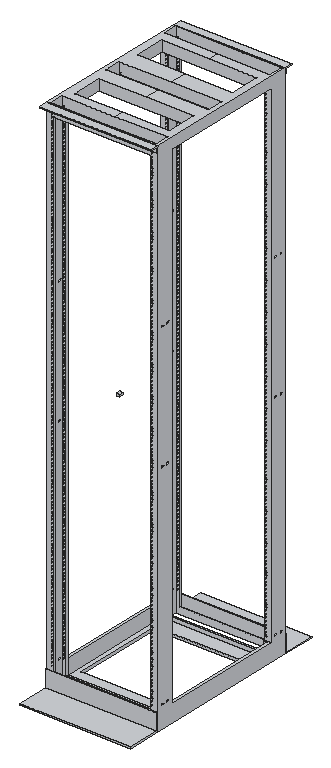
Revit family
Parameters
  Material ID = "760082552"
  Description = "29 IN (737 MM) D X 8 FT (2438 MM) H - 19 IN (482.6 MM) STEEL EQUIPMENT RACK (52U) 3/8 SQ PUNCH, BLACK\r\n"
Reference planes (in)
  plane 1 "Center (Front/Back)": y = 0
  plane 2: z = 0
  plane 3 "Center (Left/Right)": x = 0
Forms (in)
  Extrusion 1, solid, not visible
    sketch origin (0, -14.305, 0) x (1, 0, 0) y (0, 0, 1)
      loop
        line (-8.5516, 0.86) -> (-8.5516, 0.46) -> (-7.9516, 0.46) -> (-7.9516, 0.86) -> (-8.5516, 0.86)
    from 0 to 0.77696
  Extrusion 2, solid
    sketch origin (0, 0, 0) x (1, 0, 0) y (0, 0, 1)
      loop
        line (-10.175, 54.12) -> (-10.175, -42) -> (10.175, -42) -> (10.175, 54.12) -> (0, 54.12) -> (-10.175, 54.12)
    from 0 to 29
  Extrusion 3, void
    sketch origin (0, 0, 0) x (1, 0, 0) y (0, 0, 1)
      loop
        line (-8.905, 52.12772) -> (-8.905, -40.8) -> (8.905, -40.8) -> (8.905, 52.12772) -> (-8.905, 52.12772)
    from 0 to 36
  Extrusion 4, void
    sketch origin (0, 0, 0) x (0, 1, 0) y (0, 0, 1)
      loop
        line (-3, 52.12772) -> (-25.79784, 52.12772) -> (-25.79784, -38.785) -> (-3, -38.785) -> (-3, 52.12772)
    from -31.70377 to 17.99623
  Extrusion 5, void
    sketch origin (0, 0, 0) x (0, 1, 0) y (0, 0, 1)
      loop
        line (-0.2, 59.72052) -> (-2.8, 59.72052) -> (-2.8, -66.46573) -> (-0.2, -66.46573) -> (-0.2, 59.72052)
    from -9.61605 to 9.71756
  Extrusion 6, void
    sketch origin (0, -29, 0) x (0, -1, 0) y (0, 0, -1)
      loop
        line (-0.2, -59.72052) -> (-0.2, 63.44959) -> (-2.8, 63.44959) -> (-2.8, -59.72052) -> (-0.2, -59.72052)
    from -9.61605 to 9.71756
  Extrusion 7, solid
    sketch origin (0, 0, -12) x (0, 1, 0) y (0, 0, 1)
      loop
        line (-29, -29.985) -> (-29, -26.785) -> (-29.2, -26.785) -> (-29.2, -29.785) -> (-35.2, -29.785) -> (-35.2, -29.985) -> (-29, -29.985)
      loop
        line (-29, 66.12) -> (-30.575, 66.12) -> (-30.575, 65.92) -> (-29.2, 65.92) -> (-29.2, 65.06396) -> (-29, 65.06396) -> (-29, 66.12)
      loop
        line (0, 66.12) -> (0, 65.06396) -> (0.2, 65.06396) -> (0.2, 65.92) -> (1.575, 65.92) -> (1.575, 66.12) -> (0, 66.12)
      loop
        line (0, -30) -> (6.2, -30) -> (6.2, -29.8) -> (0.2, -29.8) -> (0.2, -26.8) -> (0, -26.8) -> (0, -30)
    from -10.155 to 10.155
  Extrusion 8, void
    sketch origin (0, 0, 0) x (1, 0, 0) y (0, 1, 0)
      loop
        line (8.81573, -4.65622) -> (-8.68427, -4.65622) -> (-8.68427, -10.15622) -> (8.81573, -10.15622) -> (8.81573, -4.65622)
      loop
        line (9.39397, -13.32974) -> (-9.60603, -13.32974) -> (-9.60603, -16.32974) -> (9.39397, -16.32974) -> (9.39397, -13.32974)
      loop
        line (8.81573, -19.04784) -> (-8.68427, -19.04784) -> (-8.68427, -24.54784) -> (8.81573, -24.54784) -> (8.81573, -19.04784)
    from 59.72052 to 16.10929
  Extrusion 9, void
    sketch origin (0, 0, 0) x (1, 0, 0) y (0, 1, 0)
      loop
        line (8.74608, -23) -> (8.74608, -5.96462) -> (-8.75392, -5.96462) -> (-8.75392, -23) -> (8.74608, -23)
    from -52.54303 to 38.86972
  Extrusion 10, void
    sketch origin (0, 0, 0) x (0, 1, 0) y (0, 0, 1)
      loop
        circle (-26.875, 24.12) r 0.335
      loop
        circle (-28.125, 24.12) r 0.335
      loop
        circle (-0.875, 24.12) r 0.335
      loop
        circle (-2.125, 24.12) r 0.335
      loop
        circle (-26.875, 1.12) r 0.335
      loop
        circle (-28.125, 1.12) r 0.335
      loop
        circle (-0.875, 1.12) r 0.335
      loop
        circle (-2.125, 1.12) r 0.335
      loop
        circle (-26.875, -37.88) r 0.335
      loop
        circle (-28.125, -37.88) r 0.335
      loop
        circle (-0.875, -37.88) r 0.335
      loop
        circle (-2.125, -37.88) r 0.335
    from -24.88707 to 25.18322
  Extrusion 11, void
    sketch origin (0, 0, 0) x (1, 0, 0) y (0, 1, 0)
      loop
        line (-9.68285, -25.79784) -> (9.56715, -25.79784) -> (9.56715, -3.2) -> (-9.68285, -3.2) -> (-9.68285, -25.79784)
    from -41.49635 to -29.49635
  Extrusion 12, void
    sketch origin (0, 0, -12.25) x (1, 0, 0) y (0, 0, 1)
      loop
        line (-9.175, 52.604) -> (-9.264, 52.604) -> (-9.264, 52.515) -> (-9.264, 52.426) -> (-9.175, 52.426) -> (-9.086, 52.426) -> (-9.086, 52.604) -> (-9.175, 52.604)
      loop
        line (-9.175, 51.979) -> (-9.264, 51.979) -> (-9.264, 51.89) -> (-9.264, 51.801) -> (-9.175, 51.801) -> (-9.086, 51.801) -> (-9.086, 51.979) -> (-9.175, 51.979)
      loop
        line (-9.175, 51.354) -> (-9.264, 51.354) -> (-9.264, 51.265) -> (-9.264, 51.176) -> (-9.175, 51.176) -> (-9.086, 51.176) -> (-9.086, 51.354) -> (-9.175, 51.354)
      loop
        line (9.175, 52.604) -> (9.086, 52.604) -> (9.086, 52.426) -> (9.175, 52.426) -> (9.264, 52.426) -> (9.264, 52.515) -> (9.264, 52.604) -> (9.175, 52.604)
      loop
        line (9.175, 51.979) -> (9.086, 51.979) -> (9.086, 51.801) -> (9.175, 51.801) -> (9.264, 51.801) -> (9.264, 51.89) -> (9.264, 51.979) -> (9.175, 51.979)
      loop
        line (9.175, 51.354) -> (9.086, 51.354) -> (9.086, 51.176) -> (9.175, 51.176) -> (9.264, 51.176) -> (9.264, 51.265) -> (9.264, 51.354) -> (9.175, 51.354)
    from 0 to 36
  Extrusion 13, void
    sketch origin (0, 0, -14) x (1, 0, 0) y (0, 0, 1)
      loop
        line (-9.175, 52.604) -> (-9.264, 52.604) -> (-9.264, 52.515) -> (-9.264, 52.426) -> (-9.175, 52.426) -> (-9.086, 52.426) -> (-9.086, 52.604) -> (-9.175, 52.604)
      loop
        line (-9.175, 51.979) -> (-9.264, 51.979) -> (-9.264, 51.89) -> (-9.264, 51.801) -> (-9.175, 51.801) -> (-9.086, 51.801) -> (-9.086, 51.979) -> (-9.175, 51.979)
      loop
        line (-9.175, 51.354) -> (-9.264, 51.354) -> (-9.264, 51.265) -> (-9.264, 51.176) -> (-9.175, 51.176) -> (-9.086, 51.176) -> (-9.086, 51.354) -> (-9.175, 51.354)
      loop
        line (9.175, 52.604) -> (9.086, 52.604) -> (9.086, 52.426) -> (9.175, 52.426) -> (9.264, 52.426) -> (9.264, 52.515) -> (9.264, 52.604) -> (9.175, 52.604)
      loop
        line (9.175, 51.979) -> (9.086, 51.979) -> (9.086, 51.801) -> (9.175, 51.801) -> (9.264, 51.801) -> (9.264, 51.89) -> (9.264, 51.979) -> (9.175, 51.979)
      loop
        line (9.175, 51.354) -> (9.086, 51.354) -> (9.086, 51.176) -> (9.175, 51.176) -> (9.264, 51.176) -> (9.264, 51.265) -> (9.264, 51.354) -> (9.175, 51.354)
    from 0 to 36
  Extrusion 14, void
    sketch origin (0, 0, -15.75) x (1, 0, 0) y (0, 0, 1)
      loop
        line (-9.175, 52.604) -> (-9.264, 52.604) -> (-9.264, 52.515) -> (-9.264, 52.426) -> (-9.175, 52.426) -> (-9.086, 52.426) -> (-9.086, 52.604) -> (-9.175, 52.604)
      loop
        line (-9.175, 51.979) -> (-9.264, 51.979) -> (-9.264, 51.89) -> (-9.264, 51.801) -> (-9.175, 51.801) -> (-9.086, 51.801) -> (-9.086, 51.979) -> (-9.175, 51.979)
      loop
        line (-9.175, 51.354) -> (-9.264, 51.354) -> (-9.264, 51.265) -> (-9.264, 51.176) -> (-9.175, 51.176) -> (-9.086, 51.176) -> (-9.086, 51.354) -> (-9.175, 51.354)
      loop
        line (9.175, 52.604) -> (9.086, 52.604) -> (9.086, 52.426) -> (9.175, 52.426) -> (9.264, 52.426) -> (9.264, 52.515) -> (9.264, 52.604) -> (9.175, 52.604)
      loop
        line (9.175, 51.979) -> (9.086, 51.979) -> (9.086, 51.801) -> (9.175, 51.801) -> (9.264, 51.801) -> (9.264, 51.89) -> (9.264, 51.979) -> (9.175, 51.979)
      loop
        line (9.175, 51.354) -> (9.086, 51.354) -> (9.086, 51.176) -> (9.175, 51.176) -> (9.264, 51.176) -> (9.264, 51.265) -> (9.264, 51.354) -> (9.175, 51.354)
    from 0 to 36
  Extrusion 15, void
    sketch origin (0, 0, -17.5) x (1, 0, 0) y (0, 0, 1)
      loop
        line (-9.175, 52.604) -> (-9.264, 52.604) -> (-9.264, 52.515) -> (-9.264, 52.426) -> (-9.175, 52.426) -> (-9.086, 52.426) -> (-9.086, 52.604) -> (-9.175, 52.604)
      loop
        line (-9.175, 51.979) -> (-9.264, 51.979) -> (-9.264, 51.89) -> (-9.264, 51.801) -> (-9.175, 51.801) -> (-9.086, 51.801) -> (-9.086, 51.979) -> (-9.175, 51.979)
      loop
        line (-9.175, 51.354) -> (-9.264, 51.354) -> (-9.264, 51.265) -> (-9.264, 51.176) -> (-9.175, 51.176) -> (-9.086, 51.176) -> (-9.086, 51.354) -> (-9.175, 51.354)
      loop
        line (9.175, 52.604) -> (9.086, 52.604) -> (9.086, 52.426) -> (9.175, 52.426) -> (9.264, 52.426) -> (9.264, 52.515) -> (9.264, 52.604) -> (9.175, 52.604)
      loop
        line (9.175, 51.979) -> (9.086, 51.979) -> (9.086, 51.801) -> (9.175, 51.801) -> (9.264, 51.801) -> (9.264, 51.89) -> (9.264, 51.979) -> (9.175, 51.979)
      loop
        line (9.175, 51.354) -> (9.086, 51.354) -> (9.086, 51.176) -> (9.175, 51.176) -> (9.264, 51.176) -> (9.264, 51.265) -> (9.264, 51.354) -> (9.175, 51.354)
    from 0 to 36
  Extrusion 16, void
    sketch origin (0, 0, -19.25) x (1, 0, 0) y (0, 0, 1)
      loop
        line (-9.175, 52.604) -> (-9.264, 52.604) -> (-9.264, 52.515) -> (-9.264, 52.426) -> (-9.175, 52.426) -> (-9.086, 52.426) -> (-9.086, 52.604) -> (-9.175, 52.604)
      loop
        line (-9.175, 51.979) -> (-9.264, 51.979) -> (-9.264, 51.89) -> (-9.264, 51.801) -> (-9.175, 51.801) -> (-9.086, 51.801) -> (-9.086, 51.979) -> (-9.175, 51.979)
      loop
        line (-9.175, 51.354) -> (-9.264, 51.354) -> (-9.264, 51.265) -> (-9.264, 51.176) -> (-9.175, 51.176) -> (-9.086, 51.176) -> (-9.086, 51.354) -> (-9.175, 51.354)
      loop
        line (9.175, 52.604) -> (9.086, 52.604) -> (9.086, 52.426) -> (9.175, 52.426) -> (9.264, 52.426) -> (9.264, 52.515) -> (9.264, 52.604) -> (9.175, 52.604)
      loop
        line (9.175, 51.979) -> (9.086, 51.979) -> (9.086, 51.801) -> (9.175, 51.801) -> (9.264, 51.801) -> (9.264, 51.89) -> (9.264, 51.979) -> (9.175, 51.979)
      loop
        line (9.175, 51.354) -> (9.086, 51.354) -> (9.086, 51.176) -> (9.175, 51.176) -> (9.264, 51.176) -> (9.264, 51.265) -> (9.264, 51.354) -> (9.175, 51.354)
    from 0 to 36
  Extrusion 17, void
    sketch origin (0, 0, -21) x (1, 0, 0) y (0, 0, 1)
      loop
        line (-9.175, 52.604) -> (-9.264, 52.604) -> (-9.264, 52.515) -> (-9.264, 52.426) -> (-9.175, 52.426) -> (-9.086, 52.426) -> (-9.086, 52.604) -> (-9.175, 52.604)
      loop
        line (-9.175, 51.979) -> (-9.264, 51.979) -> (-9.264, 51.89) -> (-9.264, 51.801) -> (-9.175, 51.801) -> (-9.086, 51.801) -> (-9.086, 51.979) -> (-9.175, 51.979)
      loop
        line (-9.175, 51.354) -> (-9.264, 51.354) -> (-9.264, 51.265) -> (-9.264, 51.176) -> (-9.175, 51.176) -> (-9.086, 51.176) -> (-9.086, 51.354) -> (-9.175, 51.354)
      loop
        line (9.175, 52.604) -> (9.086, 52.604) -> (9.086, 52.426) -> (9.175, 52.426) -> (9.264, 52.426) -> (9.264, 52.515) -> (9.264, 52.604) -> (9.175, 52.604)
      loop
        line (9.175, 51.979) -> (9.086, 51.979) -> (9.086, 51.801) -> (9.175, 51.801) -> (9.264, 51.801) -> (9.264, 51.89) -> (9.264, 51.979) -> (9.175, 51.979)
      loop
        line (9.175, 51.354) -> (9.086, 51.354) -> (9.086, 51.176) -> (9.175, 51.176) -> (9.264, 51.176) -> (9.264, 51.265) -> (9.264, 51.354) -> (9.175, 51.354)
    from 0 to 36
  Extrusion 18, void
    sketch origin (0, 0, -22.75) x (1, 0, 0) y (0, 0, 1)
      loop
        line (-9.175, 52.604) -> (-9.264, 52.604) -> (-9.264, 52.515) -> (-9.264, 52.426) -> (-9.175, 52.426) -> (-9.086, 52.426) -> (-9.086, 52.604) -> (-9.175, 52.604)
      loop
        line (-9.175, 51.979) -> (-9.264, 51.979) -> (-9.264, 51.89) -> (-9.264, 51.801) -> (-9.175, 51.801) -> (-9.086, 51.801) -> (-9.086, 51.979) -> (-9.175, 51.979)
      loop
        line (-9.175, 51.354) -> (-9.264, 51.354) -> (-9.264, 51.265) -> (-9.264, 51.176) -> (-9.175, 51.176) -> (-9.086, 51.176) -> (-9.086, 51.354) -> (-9.175, 51.354)
      loop
        line (9.175, 52.604) -> (9.086, 52.604) -> (9.086, 52.426) -> (9.175, 52.426) -> (9.264, 52.426) -> (9.264, 52.515) -> (9.264, 52.604) -> (9.175, 52.604)
      loop
        line (9.175, 51.979) -> (9.086, 51.979) -> (9.086, 51.801) -> (9.175, 51.801) -> (9.264, 51.801) -> (9.264, 51.89) -> (9.264, 51.979) -> (9.175, 51.979)
      loop
        line (9.175, 51.354) -> (9.086, 51.354) -> (9.086, 51.176) -> (9.175, 51.176) -> (9.264, 51.176) -> (9.264, 51.265) -> (9.264, 51.354) -> (9.175, 51.354)
    from 0 to 36
  Extrusion 19, void
    sketch origin (0, 0, -24.5) x (1, 0, 0) y (0, 0, 1)
      loop
        line (-9.175, 52.604) -> (-9.264, 52.604) -> (-9.264, 52.515) -> (-9.264, 52.426) -> (-9.175, 52.426) -> (-9.086, 52.426) -> (-9.086, 52.604) -> (-9.175, 52.604)
      loop
        line (-9.175, 51.979) -> (-9.264, 51.979) -> (-9.264, 51.89) -> (-9.264, 51.801) -> (-9.175, 51.801) -> (-9.086, 51.801) -> (-9.086, 51.979) -> (-9.175, 51.979)
      loop
        line (-9.175, 51.354) -> (-9.264, 51.354) -> (-9.264, 51.265) -> (-9.264, 51.176) -> (-9.175, 51.176) -> (-9.086, 51.176) -> (-9.086, 51.354) -> (-9.175, 51.354)
      loop
        line (9.175, 52.604) -> (9.086, 52.604) -> (9.086, 52.426) -> (9.175, 52.426) -> (9.264, 52.426) -> (9.264, 52.515) -> (9.264, 52.604) -> (9.175, 52.604)
      loop
        line (9.175, 51.979) -> (9.086, 51.979) -> (9.086, 51.801) -> (9.175, 51.801) -> (9.264, 51.801) -> (9.264, 51.89) -> (9.264, 51.979) -> (9.175, 51.979)
      loop
        line (9.175, 51.354) -> (9.086, 51.354) -> (9.086, 51.176) -> (9.175, 51.176) -> (9.264, 51.176) -> (9.264, 51.265) -> (9.264, 51.354) -> (9.175, 51.354)
    from 0 to 36
  Extrusion 20, void
    sketch origin (0, 0, -26.25) x (1, 0, 0) y (0, 0, 1)
      loop
        line (-9.175, 52.604) -> (-9.264, 52.604) -> (-9.264, 52.515) -> (-9.264, 52.426) -> (-9.175, 52.426) -> (-9.086, 52.426) -> (-9.086, 52.604) -> (-9.175, 52.604)
      loop
        line (-9.175, 51.979) -> (-9.264, 51.979) -> (-9.264, 51.89) -> (-9.264, 51.801) -> (-9.175, 51.801) -> (-9.086, 51.801) -> (-9.086, 51.979) -> (-9.175, 51.979)
      loop
        line (-9.175, 51.354) -> (-9.264, 51.354) -> (-9.264, 51.265) -> (-9.264, 51.176) -> (-9.175, 51.176) -> (-9.086, 51.176) -> (-9.086, 51.354) -> (-9.175, 51.354)
      loop
        line (9.175, 52.604) -> (9.086, 52.604) -> (9.086, 52.426) -> (9.175, 52.426) -> (9.264, 52.426) -> (9.264, 52.515) -> (9.264, 52.604) -> (9.175, 52.604)
      loop
        line (9.175, 51.979) -> (9.086, 51.979) -> (9.086, 51.801) -> (9.175, 51.801) -> (9.264, 51.801) -> (9.264, 51.89) -> (9.264, 51.979) -> (9.175, 51.979)
      loop
        line (9.175, 51.354) -> (9.086, 51.354) -> (9.086, 51.176) -> (9.175, 51.176) -> (9.264, 51.176) -> (9.264, 51.265) -> (9.264, 51.354) -> (9.175, 51.354)
    from 0 to 36
  Extrusion 21, void
    sketch origin (0, 0, -28) x (1, 0, 0) y (0, 0, 1)
      loop
        line (-9.175, 52.604) -> (-9.264, 52.604) -> (-9.264, 52.515) -> (-9.264, 52.426) -> (-9.175, 52.426) -> (-9.086, 52.426) -> (-9.086, 52.604) -> (-9.175, 52.604)
      loop
        line (-9.175, 51.979) -> (-9.264, 51.979) -> (-9.264, 51.89) -> (-9.264, 51.801) -> (-9.175, 51.801) -> (-9.086, 51.801) -> (-9.086, 51.979) -> (-9.175, 51.979)
      loop
        line (-9.175, 51.354) -> (-9.264, 51.354) -> (-9.264, 51.265) -> (-9.264, 51.176) -> (-9.175, 51.176) -> (-9.086, 51.176) -> (-9.086, 51.354) -> (-9.175, 51.354)
      loop
        line (9.175, 52.604) -> (9.086, 52.604) -> (9.086, 52.426) -> (9.175, 52.426) -> (9.264, 52.426) -> (9.264, 52.515) -> (9.264, 52.604) -> (9.175, 52.604)
      loop
        line (9.175, 51.979) -> (9.086, 51.979) -> (9.086, 51.801) -> (9.175, 51.801) -> (9.264, 51.801) -> (9.264, 51.89) -> (9.264, 51.979) -> (9.175, 51.979)
      loop
        line (9.175, 51.354) -> (9.086, 51.354) -> (9.086, 51.176) -> (9.175, 51.176) -> (9.264, 51.176) -> (9.264, 51.265) -> (9.264, 51.354) -> (9.175, 51.354)
    from 0 to 36
  Extrusion 22, void
    sketch origin (0, 0, -29.75) x (1, 0, 0) y (0, 0, 1)
      loop
        line (-9.175, 52.604) -> (-9.264, 52.604) -> (-9.264, 52.515) -> (-9.264, 52.426) -> (-9.175, 52.426) -> (-9.086, 52.426) -> (-9.086, 52.604) -> (-9.175, 52.604)
      loop
        line (-9.175, 51.979) -> (-9.264, 51.979) -> (-9.264, 51.89) -> (-9.264, 51.801) -> (-9.175, 51.801) -> (-9.086, 51.801) -> (-9.086, 51.979) -> (-9.175, 51.979)
      loop
        line (-9.175, 51.354) -> (-9.264, 51.354) -> (-9.264, 51.265) -> (-9.264, 51.176) -> (-9.175, 51.176) -> (-9.086, 51.176) -> (-9.086, 51.354) -> (-9.175, 51.354)
      loop
        line (9.175, 52.604) -> (9.086, 52.604) -> (9.086, 52.426) -> (9.175, 52.426) -> (9.264, 52.426) -> (9.264, 52.515) -> (9.264, 52.604) -> (9.175, 52.604)
      loop
        line (9.175, 51.979) -> (9.086, 51.979) -> (9.086, 51.801) -> (9.175, 51.801) -> (9.264, 51.801) -> (9.264, 51.89) -> (9.264, 51.979) -> (9.175, 51.979)
      loop
        line (9.175, 51.354) -> (9.086, 51.354) -> (9.086, 51.176) -> (9.175, 51.176) -> (9.264, 51.176) -> (9.264, 51.265) -> (9.264, 51.354) -> (9.175, 51.354)
    from 0 to 36
  Extrusion 23, void
    sketch origin (0, 0, -31.5) x (1, 0, 0) y (0, 0, 1)
      loop
        line (-9.175, 52.604) -> (-9.264, 52.604) -> (-9.264, 52.515) -> (-9.264, 52.426) -> (-9.175, 52.426) -> (-9.086, 52.426) -> (-9.086, 52.604) -> (-9.175, 52.604)
      loop
        line (-9.175, 51.979) -> (-9.264, 51.979) -> (-9.264, 51.89) -> (-9.264, 51.801) -> (-9.175, 51.801) -> (-9.086, 51.801) -> (-9.086, 51.979) -> (-9.175, 51.979)
      loop
        line (-9.175, 51.354) -> (-9.264, 51.354) -> (-9.264, 51.265) -> (-9.264, 51.176) -> (-9.175, 51.176) -> (-9.086, 51.176) -> (-9.086, 51.354) -> (-9.175, 51.354)
      loop
        line (9.175, 52.604) -> (9.086, 52.604) -> (9.086, 52.426) -> (9.175, 52.426) -> (9.264, 52.426) -> (9.264, 52.515) -> (9.264, 52.604) -> (9.175, 52.604)
      loop
        line (9.175, 51.979) -> (9.086, 51.979) -> (9.086, 51.801) -> (9.175, 51.801) -> (9.264, 51.801) -> (9.264, 51.89) -> (9.264, 51.979) -> (9.175, 51.979)
      loop
        line (9.175, 51.354) -> (9.086, 51.354) -> (9.086, 51.176) -> (9.175, 51.176) -> (9.264, 51.176) -> (9.264, 51.265) -> (9.264, 51.354) -> (9.175, 51.354)
    from 0 to 36
  Extrusion 24, void
    sketch origin (0, 0, -33.25) x (1, 0, 0) y (0, 0, 1)
      loop
        line (-9.175, 52.604) -> (-9.264, 52.604) -> (-9.264, 52.515) -> (-9.264, 52.426) -> (-9.175, 52.426) -> (-9.086, 52.426) -> (-9.086, 52.604) -> (-9.175, 52.604)
      loop
        line (-9.175, 51.979) -> (-9.264, 51.979) -> (-9.264, 51.89) -> (-9.264, 51.801) -> (-9.175, 51.801) -> (-9.086, 51.801) -> (-9.086, 51.979) -> (-9.175, 51.979)
      loop
        line (-9.175, 51.354) -> (-9.264, 51.354) -> (-9.264, 51.265) -> (-9.264, 51.176) -> (-9.175, 51.176) -> (-9.086, 51.176) -> (-9.086, 51.354) -> (-9.175, 51.354)
      loop
        line (9.175, 52.604) -> (9.086, 52.604) -> (9.086, 52.426) -> (9.175, 52.426) -> (9.264, 52.426) -> (9.264, 52.515) -> (9.264, 52.604) -> (9.175, 52.604)
      loop
        line (9.175, 51.979) -> (9.086, 51.979) -> (9.086, 51.801) -> (9.175, 51.801) -> (9.264, 51.801) -> (9.264, 51.89) -> (9.264, 51.979) -> (9.175, 51.979)
      loop
        line (9.175, 51.354) -> (9.086, 51.354) -> (9.086, 51.176) -> (9.175, 51.176) -> (9.264, 51.176) -> (9.264, 51.265) -> (9.264, 51.354) -> (9.175, 51.354)
    from 0 to 36
  Extrusion 25, void
    sketch origin (0, 0, -35) x (1, 0, 0) y (0, 0, 1)
      loop
        line (-9.175, 52.604) -> (-9.264, 52.604) -> (-9.264, 52.515) -> (-9.264, 52.426) -> (-9.175, 52.426) -> (-9.086, 52.426) -> (-9.086, 52.604) -> (-9.175, 52.604)
      loop
        line (-9.175, 51.979) -> (-9.264, 51.979) -> (-9.264, 51.89) -> (-9.264, 51.801) -> (-9.175, 51.801) -> (-9.086, 51.801) -> (-9.086, 51.979) -> (-9.175, 51.979)
      loop
        line (-9.175, 51.354) -> (-9.264, 51.354) -> (-9.264, 51.265) -> (-9.264, 51.176) -> (-9.175, 51.176) -> (-9.086, 51.176) -> (-9.086, 51.354) -> (-9.175, 51.354)
      loop
        line (9.175, 52.604) -> (9.086, 52.604) -> (9.086, 52.426) -> (9.175, 52.426) -> (9.264, 52.426) -> (9.264, 52.515) -> (9.264, 52.604) -> (9.175, 52.604)
      loop
        line (9.175, 51.979) -> (9.086, 51.979) -> (9.086, 51.801) -> (9.175, 51.801) -> (9.264, 51.801) -> (9.264, 51.89) -> (9.264, 51.979) -> (9.175, 51.979)
      loop
        line (9.175, 51.354) -> (9.086, 51.354) -> (9.086, 51.176) -> (9.175, 51.176) -> (9.264, 51.176) -> (9.264, 51.265) -> (9.264, 51.354) -> (9.175, 51.354)
    from 0 to 36
  Extrusion 26, void
    sketch origin (0, 0, -36.75) x (1, 0, 0) y (0, 0, 1)
      loop
        line (-9.175, 52.604) -> (-9.264, 52.604) -> (-9.264, 52.515) -> (-9.264, 52.426) -> (-9.175, 52.426) -> (-9.086, 52.426) -> (-9.086, 52.604) -> (-9.175, 52.604)
      loop
        line (-9.175, 51.979) -> (-9.264, 51.979) -> (-9.264, 51.89) -> (-9.264, 51.801) -> (-9.175, 51.801) -> (-9.086, 51.801) -> (-9.086, 51.979) -> (-9.175, 51.979)
      loop
        line (-9.175, 51.354) -> (-9.264, 51.354) -> (-9.264, 51.265) -> (-9.264, 51.176) -> (-9.175, 51.176) -> (-9.086, 51.176) -> (-9.086, 51.354) -> (-9.175, 51.354)
      loop
        line (9.175, 52.604) -> (9.086, 52.604) -> (9.086, 52.426) -> (9.175, 52.426) -> (9.264, 52.426) -> (9.264, 52.515) -> (9.264, 52.604) -> (9.175, 52.604)
      loop
        line (9.175, 51.979) -> (9.086, 51.979) -> (9.086, 51.801) -> (9.175, 51.801) -> (9.264, 51.801) -> (9.264, 51.89) -> (9.264, 51.979) -> (9.175, 51.979)
      loop
        line (9.175, 51.354) -> (9.086, 51.354) -> (9.086, 51.176) -> (9.175, 51.176) -> (9.264, 51.176) -> (9.264, 51.265) -> (9.264, 51.354) -> (9.175, 51.354)
    from 0 to 36
  Extrusion 27, void
    sketch origin (0, 0, -38.5) x (1, 0, 0) y (0, 0, 1)
      loop
        line (-9.175, 52.604) -> (-9.264, 52.604) -> (-9.264, 52.515) -> (-9.264, 52.426) -> (-9.175, 52.426) -> (-9.086, 52.426) -> (-9.086, 52.604) -> (-9.175, 52.604)
      loop
        line (-9.175, 51.979) -> (-9.264, 51.979) -> (-9.264, 51.89) -> (-9.264, 51.801) -> (-9.175, 51.801) -> (-9.086, 51.801) -> (-9.086, 51.979) -> (-9.175, 51.979)
      loop
        line (-9.175, 51.354) -> (-9.264, 51.354) -> (-9.264, 51.265) -> (-9.264, 51.176) -> (-9.175, 51.176) -> (-9.086, 51.176) -> (-9.086, 51.354) -> (-9.175, 51.354)
      loop
        line (9.175, 52.604) -> (9.086, 52.604) -> (9.086, 52.426) -> (9.175, 52.426) -> (9.264, 52.426) -> (9.264, 52.515) -> (9.264, 52.604) -> (9.175, 52.604)
      loop
        line (9.175, 51.979) -> (9.086, 51.979) -> (9.086, 51.801) -> (9.175, 51.801) -> (9.264, 51.801) -> (9.264, 51.89) -> (9.264, 51.979) -> (9.175, 51.979)
      loop
        line (9.175, 51.354) -> (9.086, 51.354) -> (9.086, 51.176) -> (9.175, 51.176) -> (9.264, 51.176) -> (9.264, 51.265) -> (9.264, 51.354) -> (9.175, 51.354)
    from 0 to 36
  Extrusion 28, void
    sketch origin (0, 0, -40.25) x (1, 0, 0) y (0, 0, 1)
      loop
        line (-9.175, 52.604) -> (-9.264, 52.604) -> (-9.264, 52.515) -> (-9.264, 52.426) -> (-9.175, 52.426) -> (-9.086, 52.426) -> (-9.086, 52.604) -> (-9.175, 52.604)
      loop
        line (-9.175, 51.979) -> (-9.264, 51.979) -> (-9.264, 51.89) -> (-9.264, 51.801) -> (-9.175, 51.801) -> (-9.086, 51.801) -> (-9.086, 51.979) -> (-9.175, 51.979)
      loop
        line (-9.175, 51.354) -> (-9.264, 51.354) -> (-9.264, 51.265) -> (-9.264, 51.176) -> (-9.175, 51.176) -> (-9.086, 51.176) -> (-9.086, 51.354) -> (-9.175, 51.354)
      loop
        line (9.175, 52.604) -> (9.086, 52.604) -> (9.086, 52.426) -> (9.175, 52.426) -> (9.264, 52.426) -> (9.264, 52.515) -> (9.264, 52.604) -> (9.175, 52.604)
      loop
        line (9.175, 51.979) -> (9.086, 51.979) -> (9.086, 51.801) -> (9.175, 51.801) -> (9.264, 51.801) -> (9.264, 51.89) -> (9.264, 51.979) -> (9.175, 51.979)
      loop
        line (9.175, 51.354) -> (9.086, 51.354) -> (9.086, 51.176) -> (9.175, 51.176) -> (9.264, 51.176) -> (9.264, 51.265) -> (9.264, 51.354) -> (9.175, 51.354)
    from 0 to 36
  Extrusion 29, void
    sketch origin (0, 0, -42) x (1, 0, 0) y (0, 0, 1)
      loop
        line (-9.175, 52.604) -> (-9.264, 52.604) -> (-9.264, 52.515) -> (-9.264, 52.426) -> (-9.175, 52.426) -> (-9.086, 52.426) -> (-9.086, 52.604) -> (-9.175, 52.604)
      loop
        line (-9.175, 51.979) -> (-9.264, 51.979) -> (-9.264, 51.89) -> (-9.264, 51.801) -> (-9.175, 51.801) -> (-9.086, 51.801) -> (-9.086, 51.979) -> (-9.175, 51.979)
      loop
        line (-9.175, 51.354) -> (-9.264, 51.354) -> (-9.264, 51.265) -> (-9.264, 51.176) -> (-9.175, 51.176) -> (-9.086, 51.176) -> (-9.086, 51.354) -> (-9.175, 51.354)
      loop
        line (9.175, 52.604) -> (9.086, 52.604) -> (9.086, 52.426) -> (9.175, 52.426) -> (9.264, 52.426) -> (9.264, 52.515) -> (9.264, 52.604) -> (9.175, 52.604)
      loop
        line (9.175, 51.979) -> (9.086, 51.979) -> (9.086, 51.801) -> (9.175, 51.801) -> (9.264, 51.801) -> (9.264, 51.89) -> (9.264, 51.979) -> (9.175, 51.979)
      loop
        line (9.175, 51.354) -> (9.086, 51.354) -> (9.086, 51.176) -> (9.175, 51.176) -> (9.264, 51.176) -> (9.264, 51.265) -> (9.264, 51.354) -> (9.175, 51.354)
    from 0 to 36
  Extrusion 30, void
    sketch origin (0, 0, -43.75) x (1, 0, 0) y (0, 0, 1)
      loop
        line (-9.175, 52.604) -> (-9.264, 52.604) -> (-9.264, 52.515) -> (-9.264, 52.426) -> (-9.175, 52.426) -> (-9.086, 52.426) -> (-9.086, 52.604) -> (-9.175, 52.604)
      loop
        line (-9.175, 51.979) -> (-9.264, 51.979) -> (-9.264, 51.89) -> (-9.264, 51.801) -> (-9.175, 51.801) -> (-9.086, 51.801) -> (-9.086, 51.979) -> (-9.175, 51.979)
      loop
        line (-9.175, 51.354) -> (-9.264, 51.354) -> (-9.264, 51.265) -> (-9.264, 51.176) -> (-9.175, 51.176) -> (-9.086, 51.176) -> (-9.086, 51.354) -> (-9.175, 51.354)
      loop
        line (9.175, 52.604) -> (9.086, 52.604) -> (9.086, 52.426) -> (9.175, 52.426) -> (9.264, 52.426) -> (9.264, 52.515) -> (9.264, 52.604) -> (9.175, 52.604)
      loop
        line (9.175, 51.979) -> (9.086, 51.979) -> (9.086, 51.801) -> (9.175, 51.801) -> (9.264, 51.801) -> (9.264, 51.89) -> (9.264, 51.979) -> (9.175, 51.979)
      loop
        line (9.175, 51.354) -> (9.086, 51.354) -> (9.086, 51.176) -> (9.175, 51.176) -> (9.264, 51.176) -> (9.264, 51.265) -> (9.264, 51.354) -> (9.175, 51.354)
    from 0 to 36
  Extrusion 31, void
    sketch origin (0, 0, -45.5) x (1, 0, 0) y (0, 0, 1)
      loop
        line (-9.175, 52.604) -> (-9.264, 52.604) -> (-9.264, 52.515) -> (-9.264, 52.426) -> (-9.175, 52.426) -> (-9.086, 52.426) -> (-9.086, 52.604) -> (-9.175, 52.604)
      loop
        line (-9.175, 51.979) -> (-9.264, 51.979) -> (-9.264, 51.89) -> (-9.264, 51.801) -> (-9.175, 51.801) -> (-9.086, 51.801) -> (-9.086, 51.979) -> (-9.175, 51.979)
      loop
        line (-9.175, 51.354) -> (-9.264, 51.354) -> (-9.264, 51.265) -> (-9.264, 51.176) -> (-9.175, 51.176) -> (-9.086, 51.176) -> (-9.086, 51.354) -> (-9.175, 51.354)
      loop
        line (9.175, 52.604) -> (9.086, 52.604) -> (9.086, 52.426) -> (9.175, 52.426) -> (9.264, 52.426) -> (9.264, 52.515) -> (9.264, 52.604) -> (9.175, 52.604)
      loop
        line (9.175, 51.979) -> (9.086, 51.979) -> (9.086, 51.801) -> (9.175, 51.801) -> (9.264, 51.801) -> (9.264, 51.89) -> (9.264, 51.979) -> (9.175, 51.979)
      loop
        line (9.175, 51.354) -> (9.086, 51.354) -> (9.086, 51.176) -> (9.175, 51.176) -> (9.264, 51.176) -> (9.264, 51.265) -> (9.264, 51.354) -> (9.175, 51.354)
    from 0 to 36
  Extrusion 32, void
    sketch origin (0, 0, -47.25) x (1, 0, 0) y (0, 0, 1)
      loop
        line (-9.175, 52.604) -> (-9.264, 52.604) -> (-9.264, 52.515) -> (-9.264, 52.426) -> (-9.175, 52.426) -> (-9.086, 52.426) -> (-9.086, 52.604) -> (-9.175, 52.604)
      loop
        line (-9.175, 51.979) -> (-9.264, 51.979) -> (-9.264, 51.89) -> (-9.264, 51.801) -> (-9.175, 51.801) -> (-9.086, 51.801) -> (-9.086, 51.979) -> (-9.175, 51.979)
      loop
        line (-9.175, 51.354) -> (-9.264, 51.354) -> (-9.264, 51.265) -> (-9.264, 51.176) -> (-9.175, 51.176) -> (-9.086, 51.176) -> (-9.086, 51.354) -> (-9.175, 51.354)
      loop
        line (9.175, 52.604) -> (9.086, 52.604) -> (9.086, 52.426) -> (9.175, 52.426) -> (9.264, 52.426) -> (9.264, 52.515) -> (9.264, 52.604) -> (9.175, 52.604)
      loop
        line (9.175, 51.979) -> (9.086, 51.979) -> (9.086, 51.801) -> (9.175, 51.801) -> (9.264, 51.801) -> (9.264, 51.89) -> (9.264, 51.979) -> (9.175, 51.979)
      loop
        line (9.175, 51.354) -> (9.086, 51.354) -> (9.086, 51.176) -> (9.175, 51.176) -> (9.264, 51.176) -> (9.264, 51.265) -> (9.264, 51.354) -> (9.175, 51.354)
    from 0 to 36
  Extrusion 33, void
    sketch origin (0, 0, -49) x (1, 0, 0) y (0, 0, 1)
      loop
        line (-9.175, 52.604) -> (-9.264, 52.604) -> (-9.264, 52.515) -> (-9.264, 52.426) -> (-9.175, 52.426) -> (-9.086, 52.426) -> (-9.086, 52.604) -> (-9.175, 52.604)
      loop
        line (-9.175, 51.979) -> (-9.264, 51.979) -> (-9.264, 51.89) -> (-9.264, 51.801) -> (-9.175, 51.801) -> (-9.086, 51.801) -> (-9.086, 51.979) -> (-9.175, 51.979)
      loop
        line (-9.175, 51.354) -> (-9.264, 51.354) -> (-9.264, 51.265) -> (-9.264, 51.176) -> (-9.175, 51.176) -> (-9.086, 51.176) -> (-9.086, 51.354) -> (-9.175, 51.354)
      loop
        line (9.175, 52.604) -> (9.086, 52.604) -> (9.086, 52.426) -> (9.175, 52.426) -> (9.264, 52.426) -> (9.264, 52.515) -> (9.264, 52.604) -> (9.175, 52.604)
      loop
        line (9.175, 51.979) -> (9.086, 51.979) -> (9.086, 51.801) -> (9.175, 51.801) -> (9.264, 51.801) -> (9.264, 51.89) -> (9.264, 51.979) -> (9.175, 51.979)
      loop
        line (9.175, 51.354) -> (9.086, 51.354) -> (9.086, 51.176) -> (9.175, 51.176) -> (9.264, 51.176) -> (9.264, 51.265) -> (9.264, 51.354) -> (9.175, 51.354)
    from 0 to 36
  Extrusion 34, void
    sketch origin (0, 0, -50.75) x (1, 0, 0) y (0, 0, 1)
      loop
        line (-9.175, 52.604) -> (-9.264, 52.604) -> (-9.264, 52.515) -> (-9.264, 52.426) -> (-9.175, 52.426) -> (-9.086, 52.426) -> (-9.086, 52.604) -> (-9.175, 52.604)
      loop
        line (-9.175, 51.979) -> (-9.264, 51.979) -> (-9.264, 51.89) -> (-9.264, 51.801) -> (-9.175, 51.801) -> (-9.086, 51.801) -> (-9.086, 51.979) -> (-9.175, 51.979)
      loop
        line (-9.175, 51.354) -> (-9.264, 51.354) -> (-9.264, 51.265) -> (-9.264, 51.176) -> (-9.175, 51.176) -> (-9.086, 51.176) -> (-9.086, 51.354) -> (-9.175, 51.354)
      loop
        line (9.175, 52.604) -> (9.086, 52.604) -> (9.086, 52.426) -> (9.175, 52.426) -> (9.264, 52.426) -> (9.264, 52.515) -> (9.264, 52.604) -> (9.175, 52.604)
      loop
        line (9.175, 51.979) -> (9.086, 51.979) -> (9.086, 51.801) -> (9.175, 51.801) -> (9.264, 51.801) -> (9.264, 51.89) -> (9.264, 51.979) -> (9.175, 51.979)
      loop
        line (9.175, 51.354) -> (9.086, 51.354) -> (9.086, 51.176) -> (9.175, 51.176) -> (9.264, 51.176) -> (9.264, 51.265) -> (9.264, 51.354) -> (9.175, 51.354)
    from 0 to 36
  Extrusion 35, void
    sketch origin (0, 0, -52.5) x (1, 0, 0) y (0, 0, 1)
      loop
        line (-9.175, 52.604) -> (-9.264, 52.604) -> (-9.264, 52.515) -> (-9.264, 52.426) -> (-9.175, 52.426) -> (-9.086, 52.426) -> (-9.086, 52.604) -> (-9.175, 52.604)
      loop
        line (-9.175, 51.979) -> (-9.264, 51.979) -> (-9.264, 51.89) -> (-9.264, 51.801) -> (-9.175, 51.801) -> (-9.086, 51.801) -> (-9.086, 51.979) -> (-9.175, 51.979)
      loop
        line (-9.175, 51.354) -> (-9.264, 51.354) -> (-9.264, 51.265) -> (-9.264, 51.176) -> (-9.175, 51.176) -> (-9.086, 51.176) -> (-9.086, 51.354) -> (-9.175, 51.354)
      loop
        line (9.175, 52.604) -> (9.086, 52.604) -> (9.086, 52.426) -> (9.175, 52.426) -> (9.264, 52.426) -> (9.264, 52.515) -> (9.264, 52.604) -> (9.175, 52.604)
      loop
        line (9.175, 51.979) -> (9.086, 51.979) -> (9.086, 51.801) -> (9.175, 51.801) -> (9.264, 51.801) -> (9.264, 51.89) -> (9.264, 51.979) -> (9.175, 51.979)
      loop
        line (9.175, 51.354) -> (9.086, 51.354) -> (9.086, 51.176) -> (9.175, 51.176) -> (9.264, 51.176) -> (9.264, 51.265) -> (9.264, 51.354) -> (9.175, 51.354)
    from 0 to 36
  Extrusion 36, void
    sketch origin (0, 0, -54.25) x (1, 0, 0) y (0, 0, 1)
      loop
        line (-9.175, 52.604) -> (-9.264, 52.604) -> (-9.264, 52.515) -> (-9.264, 52.426) -> (-9.175, 52.426) -> (-9.086, 52.426) -> (-9.086, 52.604) -> (-9.175, 52.604)
      loop
        line (-9.175, 51.979) -> (-9.264, 51.979) -> (-9.264, 51.89) -> (-9.264, 51.801) -> (-9.175, 51.801) -> (-9.086, 51.801) -> (-9.086, 51.979) -> (-9.175, 51.979)
      loop
        line (-9.175, 51.354) -> (-9.264, 51.354) -> (-9.264, 51.265) -> (-9.264, 51.176) -> (-9.175, 51.176) -> (-9.086, 51.176) -> (-9.086, 51.354) -> (-9.175, 51.354)
      loop
        line (9.175, 52.604) -> (9.086, 52.604) -> (9.086, 52.426) -> (9.175, 52.426) -> (9.264, 52.426) -> (9.264, 52.515) -> (9.264, 52.604) -> (9.175, 52.604)
      loop
        line (9.175, 51.979) -> (9.086, 51.979) -> (9.086, 51.801) -> (9.175, 51.801) -> (9.264, 51.801) -> (9.264, 51.89) -> (9.264, 51.979) -> (9.175, 51.979)
      loop
        line (9.175, 51.354) -> (9.086, 51.354) -> (9.086, 51.176) -> (9.175, 51.176) -> (9.264, 51.176) -> (9.264, 51.265) -> (9.264, 51.354) -> (9.175, 51.354)
    from 0 to 36
  Extrusion 37, void
    sketch origin (0, 0, -56) x (1, 0, 0) y (0, 0, 1)
      loop
        line (-9.175, 52.604) -> (-9.264, 52.604) -> (-9.264, 52.515) -> (-9.264, 52.426) -> (-9.175, 52.426) -> (-9.086, 52.426) -> (-9.086, 52.604) -> (-9.175, 52.604)
      loop
        line (-9.175, 51.979) -> (-9.264, 51.979) -> (-9.264, 51.89) -> (-9.264, 51.801) -> (-9.175, 51.801) -> (-9.086, 51.801) -> (-9.086, 51.979) -> (-9.175, 51.979)
      loop
        line (-9.175, 51.354) -> (-9.264, 51.354) -> (-9.264, 51.265) -> (-9.264, 51.176) -> (-9.175, 51.176) -> (-9.086, 51.176) -> (-9.086, 51.354) -> (-9.175, 51.354)
      loop
        line (9.175, 52.604) -> (9.086, 52.604) -> (9.086, 52.426) -> (9.175, 52.426) -> (9.264, 52.426) -> (9.264, 52.515) -> (9.264, 52.604) -> (9.175, 52.604)
      loop
        line (9.175, 51.979) -> (9.086, 51.979) -> (9.086, 51.801) -> (9.175, 51.801) -> (9.264, 51.801) -> (9.264, 51.89) -> (9.264, 51.979) -> (9.175, 51.979)
      loop
        line (9.175, 51.354) -> (9.086, 51.354) -> (9.086, 51.176) -> (9.175, 51.176) -> (9.264, 51.176) -> (9.264, 51.265) -> (9.264, 51.354) -> (9.175, 51.354)
    from 0 to 36
  Extrusion 38, void
    sketch origin (0, 0, -57.75) x (1, 0, 0) y (0, 0, 1)
      loop
        line (-9.175, 52.604) -> (-9.264, 52.604) -> (-9.264, 52.515) -> (-9.264, 52.426) -> (-9.175, 52.426) -> (-9.086, 52.426) -> (-9.086, 52.604) -> (-9.175, 52.604)
      loop
        line (-9.175, 51.979) -> (-9.264, 51.979) -> (-9.264, 51.89) -> (-9.264, 51.801) -> (-9.175, 51.801) -> (-9.086, 51.801) -> (-9.086, 51.979) -> (-9.175, 51.979)
      loop
        line (-9.175, 51.354) -> (-9.264, 51.354) -> (-9.264, 51.265) -> (-9.264, 51.176) -> (-9.175, 51.176) -> (-9.086, 51.176) -> (-9.086, 51.354) -> (-9.175, 51.354)
      loop
        line (9.175, 52.604) -> (9.086, 52.604) -> (9.086, 52.426) -> (9.175, 52.426) -> (9.264, 52.426) -> (9.264, 52.515) -> (9.264, 52.604) -> (9.175, 52.604)
      loop
        line (9.175, 51.979) -> (9.086, 51.979) -> (9.086, 51.801) -> (9.175, 51.801) -> (9.264, 51.801) -> (9.264, 51.89) -> (9.264, 51.979) -> (9.175, 51.979)
      loop
        line (9.175, 51.354) -> (9.086, 51.354) -> (9.086, 51.176) -> (9.175, 51.176) -> (9.264, 51.176) -> (9.264, 51.265) -> (9.264, 51.354) -> (9.175, 51.354)
    from 0 to 36
  Extrusion 39, void
    sketch origin (0, 0, -59.5) x (1, 0, 0) y (0, 0, 1)
      loop
        line (-9.175, 52.604) -> (-9.264, 52.604) -> (-9.264, 52.515) -> (-9.264, 52.426) -> (-9.175, 52.426) -> (-9.086, 52.426) -> (-9.086, 52.604) -> (-9.175, 52.604)
      loop
        line (-9.175, 51.979) -> (-9.264, 51.979) -> (-9.264, 51.89) -> (-9.264, 51.801) -> (-9.175, 51.801) -> (-9.086, 51.801) -> (-9.086, 51.979) -> (-9.175, 51.979)
      loop
        line (-9.175, 51.354) -> (-9.264, 51.354) -> (-9.264, 51.265) -> (-9.264, 51.176) -> (-9.175, 51.176) -> (-9.086, 51.176) -> (-9.086, 51.354) -> (-9.175, 51.354)
      loop
        line (9.175, 52.604) -> (9.086, 52.604) -> (9.086, 52.426) -> (9.175, 52.426) -> (9.264, 52.426) -> (9.264, 52.515) -> (9.264, 52.604) -> (9.175, 52.604)
      loop
        line (9.175, 51.979) -> (9.086, 51.979) -> (9.086, 51.801) -> (9.175, 51.801) -> (9.264, 51.801) -> (9.264, 51.89) -> (9.264, 51.979) -> (9.175, 51.979)
      loop
        line (9.175, 51.354) -> (9.086, 51.354) -> (9.086, 51.176) -> (9.175, 51.176) -> (9.264, 51.176) -> (9.264, 51.265) -> (9.264, 51.354) -> (9.175, 51.354)
    from 0 to 36
  Extrusion 40, void
    sketch origin (0, 0, -61.25) x (1, 0, 0) y (0, 0, 1)
      loop
        line (-9.175, 52.604) -> (-9.264, 52.604) -> (-9.264, 52.515) -> (-9.264, 52.426) -> (-9.175, 52.426) -> (-9.086, 52.426) -> (-9.086, 52.604) -> (-9.175, 52.604)
      loop
        line (-9.175, 51.979) -> (-9.264, 51.979) -> (-9.264, 51.89) -> (-9.264, 51.801) -> (-9.175, 51.801) -> (-9.086, 51.801) -> (-9.086, 51.979) -> (-9.175, 51.979)
      loop
        line (-9.175, 51.354) -> (-9.264, 51.354) -> (-9.264, 51.265) -> (-9.264, 51.176) -> (-9.175, 51.176) -> (-9.086, 51.176) -> (-9.086, 51.354) -> (-9.175, 51.354)
      loop
        line (9.175, 52.604) -> (9.086, 52.604) -> (9.086, 52.426) -> (9.175, 52.426) -> (9.264, 52.426) -> (9.264, 52.515) -> (9.264, 52.604) -> (9.175, 52.604)
      loop
        line (9.175, 51.979) -> (9.086, 51.979) -> (9.086, 51.801) -> (9.175, 51.801) -> (9.264, 51.801) -> (9.264, 51.89) -> (9.264, 51.979) -> (9.175, 51.979)
      loop
        line (9.175, 51.354) -> (9.086, 51.354) -> (9.086, 51.176) -> (9.175, 51.176) -> (9.264, 51.176) -> (9.264, 51.265) -> (9.264, 51.354) -> (9.175, 51.354)
    from 0 to 36
  Extrusion 41, void
    sketch origin (0, 0, -63) x (1, 0, 0) y (0, 0, 1)
      loop
        line (-9.175, 52.604) -> (-9.264, 52.604) -> (-9.264, 52.515) -> (-9.264, 52.426) -> (-9.175, 52.426) -> (-9.086, 52.426) -> (-9.086, 52.604) -> (-9.175, 52.604)
      loop
        line (-9.175, 51.979) -> (-9.264, 51.979) -> (-9.264, 51.89) -> (-9.264, 51.801) -> (-9.175, 51.801) -> (-9.086, 51.801) -> (-9.086, 51.979) -> (-9.175, 51.979)
      loop
        line (-9.175, 51.354) -> (-9.264, 51.354) -> (-9.264, 51.265) -> (-9.264, 51.176) -> (-9.175, 51.176) -> (-9.086, 51.176) -> (-9.086, 51.354) -> (-9.175, 51.354)
      loop
        line (9.175, 52.604) -> (9.086, 52.604) -> (9.086, 52.426) -> (9.175, 52.426) -> (9.264, 52.426) -> (9.264, 52.515) -> (9.264, 52.604) -> (9.175, 52.604)
      loop
        line (9.175, 51.979) -> (9.086, 51.979) -> (9.086, 51.801) -> (9.175, 51.801) -> (9.264, 51.801) -> (9.264, 51.89) -> (9.264, 51.979) -> (9.175, 51.979)
      loop
        line (9.175, 51.354) -> (9.086, 51.354) -> (9.086, 51.176) -> (9.175, 51.176) -> (9.264, 51.176) -> (9.264, 51.265) -> (9.264, 51.354) -> (9.175, 51.354)
    from 0 to 36
  Extrusion 42, void
    sketch origin (0, 0, -64.75) x (1, 0, 0) y (0, 0, 1)
      loop
        line (-9.175, 52.604) -> (-9.264, 52.604) -> (-9.264, 52.515) -> (-9.264, 52.426) -> (-9.175, 52.426) -> (-9.086, 52.426) -> (-9.086, 52.604) -> (-9.175, 52.604)
      loop
        line (-9.175, 51.979) -> (-9.264, 51.979) -> (-9.264, 51.89) -> (-9.264, 51.801) -> (-9.175, 51.801) -> (-9.086, 51.801) -> (-9.086, 51.979) -> (-9.175, 51.979)
      loop
        line (-9.175, 51.354) -> (-9.264, 51.354) -> (-9.264, 51.265) -> (-9.264, 51.176) -> (-9.175, 51.176) -> (-9.086, 51.176) -> (-9.086, 51.354) -> (-9.175, 51.354)
      loop
        line (9.175, 52.604) -> (9.086, 52.604) -> (9.086, 52.426) -> (9.175, 52.426) -> (9.264, 52.426) -> (9.264, 52.515) -> (9.264, 52.604) -> (9.175, 52.604)
      loop
        line (9.175, 51.979) -> (9.086, 51.979) -> (9.086, 51.801) -> (9.175, 51.801) -> (9.264, 51.801) -> (9.264, 51.89) -> (9.264, 51.979) -> (9.175, 51.979)
      loop
        line (9.175, 51.354) -> (9.086, 51.354) -> (9.086, 51.176) -> (9.175, 51.176) -> (9.264, 51.176) -> (9.264, 51.265) -> (9.264, 51.354) -> (9.175, 51.354)
    from 0 to 36
  Extrusion 43, void
    sketch origin (0, 0, -66.5) x (1, 0, 0) y (0, 0, 1)
      loop
        line (-9.175, 52.604) -> (-9.264, 52.604) -> (-9.264, 52.515) -> (-9.264, 52.426) -> (-9.175, 52.426) -> (-9.086, 52.426) -> (-9.086, 52.604) -> (-9.175, 52.604)
      loop
        line (-9.175, 51.979) -> (-9.264, 51.979) -> (-9.264, 51.89) -> (-9.264, 51.801) -> (-9.175, 51.801) -> (-9.086, 51.801) -> (-9.086, 51.979) -> (-9.175, 51.979)
      loop
        line (-9.175, 51.354) -> (-9.264, 51.354) -> (-9.264, 51.265) -> (-9.264, 51.176) -> (-9.175, 51.176) -> (-9.086, 51.176) -> (-9.086, 51.354) -> (-9.175, 51.354)
      loop
        line (9.175, 52.604) -> (9.086, 52.604) -> (9.086, 52.426) -> (9.175, 52.426) -> (9.264, 52.426) -> (9.264, 52.515) -> (9.264, 52.604) -> (9.175, 52.604)
      loop
        line (9.175, 51.979) -> (9.086, 51.979) -> (9.086, 51.801) -> (9.175, 51.801) -> (9.264, 51.801) -> (9.264, 51.89) -> (9.264, 51.979) -> (9.175, 51.979)
      loop
        line (9.175, 51.354) -> (9.086, 51.354) -> (9.086, 51.176) -> (9.175, 51.176) -> (9.264, 51.176) -> (9.264, 51.265) -> (9.264, 51.354) -> (9.175, 51.354)
    from 0 to 36
  Extrusion 44, void
    sketch origin (0, 0, -68.25) x (1, 0, 0) y (0, 0, 1)
      loop
        line (-9.175, 52.604) -> (-9.264, 52.604) -> (-9.264, 52.515) -> (-9.264, 52.426) -> (-9.175, 52.426) -> (-9.086, 52.426) -> (-9.086, 52.604) -> (-9.175, 52.604)
      loop
        line (-9.175, 51.979) -> (-9.264, 51.979) -> (-9.264, 51.89) -> (-9.264, 51.801) -> (-9.175, 51.801) -> (-9.086, 51.801) -> (-9.086, 51.979) -> (-9.175, 51.979)
      loop
        line (-9.175, 51.354) -> (-9.264, 51.354) -> (-9.264, 51.265) -> (-9.264, 51.176) -> (-9.175, 51.176) -> (-9.086, 51.176) -> (-9.086, 51.354) -> (-9.175, 51.354)
      loop
        line (9.175, 52.604) -> (9.086, 52.604) -> (9.086, 52.426) -> (9.175, 52.426) -> (9.264, 52.426) -> (9.264, 52.515) -> (9.264, 52.604) -> (9.175, 52.604)
      loop
        line (9.175, 51.979) -> (9.086, 51.979) -> (9.086, 51.801) -> (9.175, 51.801) -> (9.264, 51.801) -> (9.264, 51.89) -> (9.264, 51.979) -> (9.175, 51.979)
      loop
        line (9.175, 51.354) -> (9.086, 51.354) -> (9.086, 51.176) -> (9.175, 51.176) -> (9.264, 51.176) -> (9.264, 51.265) -> (9.264, 51.354) -> (9.175, 51.354)
    from 0 to 36
  Extrusion 45, void
    sketch origin (0, 0, -70) x (1, 0, 0) y (0, 0, 1)
      loop
        line (-9.175, 52.604) -> (-9.264, 52.604) -> (-9.264, 52.515) -> (-9.264, 52.426) -> (-9.175, 52.426) -> (-9.086, 52.426) -> (-9.086, 52.604) -> (-9.175, 52.604)
      loop
        line (-9.175, 51.979) -> (-9.264, 51.979) -> (-9.264, 51.89) -> (-9.264, 51.801) -> (-9.175, 51.801) -> (-9.086, 51.801) -> (-9.086, 51.979) -> (-9.175, 51.979)
      loop
        line (-9.175, 51.354) -> (-9.264, 51.354) -> (-9.264, 51.265) -> (-9.264, 51.176) -> (-9.175, 51.176) -> (-9.086, 51.176) -> (-9.086, 51.354) -> (-9.175, 51.354)
      loop
        line (9.175, 52.604) -> (9.086, 52.604) -> (9.086, 52.426) -> (9.175, 52.426) -> (9.264, 52.426) -> (9.264, 52.515) -> (9.264, 52.604) -> (9.175, 52.604)
      loop
        line (9.175, 51.979) -> (9.086, 51.979) -> (9.086, 51.801) -> (9.175, 51.801) -> (9.264, 51.801) -> (9.264, 51.89) -> (9.264, 51.979) -> (9.175, 51.979)
      loop
        line (9.175, 51.354) -> (9.086, 51.354) -> (9.086, 51.176) -> (9.175, 51.176) -> (9.264, 51.176) -> (9.264, 51.265) -> (9.264, 51.354) -> (9.175, 51.354)
    from 0 to 36
  Extrusion 46, void
    sketch origin (0, 0, -71.75) x (1, 0, 0) y (0, 0, 1)
      loop
        line (-9.175, 52.604) -> (-9.264, 52.604) -> (-9.264, 52.515) -> (-9.264, 52.426) -> (-9.175, 52.426) -> (-9.086, 52.426) -> (-9.086, 52.604) -> (-9.175, 52.604)
      loop
        line (-9.175, 51.979) -> (-9.264, 51.979) -> (-9.264, 51.89) -> (-9.264, 51.801) -> (-9.175, 51.801) -> (-9.086, 51.801) -> (-9.086, 51.979) -> (-9.175, 51.979)
      loop
        line (-9.175, 51.354) -> (-9.264, 51.354) -> (-9.264, 51.265) -> (-9.264, 51.176) -> (-9.175, 51.176) -> (-9.086, 51.176) -> (-9.086, 51.354) -> (-9.175, 51.354)
      loop
        line (9.175, 52.604) -> (9.086, 52.604) -> (9.086, 52.426) -> (9.175, 52.426) -> (9.264, 52.426) -> (9.264, 52.515) -> (9.264, 52.604) -> (9.175, 52.604)
      loop
        line (9.175, 51.979) -> (9.086, 51.979) -> (9.086, 51.801) -> (9.175, 51.801) -> (9.264, 51.801) -> (9.264, 51.89) -> (9.264, 51.979) -> (9.175, 51.979)
      loop
        line (9.175, 51.354) -> (9.086, 51.354) -> (9.086, 51.176) -> (9.175, 51.176) -> (9.264, 51.176) -> (9.264, 51.265) -> (9.264, 51.354) -> (9.175, 51.354)
    from 0 to 36
  Extrusion 47, void
    sketch origin (0, 0, -73.5) x (1, 0, 0) y (0, 0, 1)
      loop
        line (-9.175, 52.604) -> (-9.264, 52.604) -> (-9.264, 52.515) -> (-9.264, 52.426) -> (-9.175, 52.426) -> (-9.086, 52.426) -> (-9.086, 52.604) -> (-9.175, 52.604)
      loop
        line (-9.175, 51.979) -> (-9.264, 51.979) -> (-9.264, 51.89) -> (-9.264, 51.801) -> (-9.175, 51.801) -> (-9.086, 51.801) -> (-9.086, 51.979) -> (-9.175, 51.979)
      loop
        line (-9.175, 51.354) -> (-9.264, 51.354) -> (-9.264, 51.265) -> (-9.264, 51.176) -> (-9.175, 51.176) -> (-9.086, 51.176) -> (-9.086, 51.354) -> (-9.175, 51.354)
      loop
        line (9.175, 52.604) -> (9.086, 52.604) -> (9.086, 52.426) -> (9.175, 52.426) -> (9.264, 52.426) -> (9.264, 52.515) -> (9.264, 52.604) -> (9.175, 52.604)
      loop
        line (9.175, 51.979) -> (9.086, 51.979) -> (9.086, 51.801) -> (9.175, 51.801) -> (9.264, 51.801) -> (9.264, 51.89) -> (9.264, 51.979) -> (9.175, 51.979)
      loop
        line (9.175, 51.354) -> (9.086, 51.354) -> (9.086, 51.176) -> (9.175, 51.176) -> (9.264, 51.176) -> (9.264, 51.265) -> (9.264, 51.354) -> (9.175, 51.354)
    from 0 to 36
  Extrusion 48, void
    sketch origin (0, 0, -75.25) x (1, 0, 0) y (0, 0, 1)
      loop
        line (-9.175, 52.604) -> (-9.264, 52.604) -> (-9.264, 52.515) -> (-9.264, 52.426) -> (-9.175, 52.426) -> (-9.086, 52.426) -> (-9.086, 52.604) -> (-9.175, 52.604)
      loop
        line (-9.175, 51.979) -> (-9.264, 51.979) -> (-9.264, 51.89) -> (-9.264, 51.801) -> (-9.175, 51.801) -> (-9.086, 51.801) -> (-9.086, 51.979) -> (-9.175, 51.979)
      loop
        line (-9.175, 51.354) -> (-9.264, 51.354) -> (-9.264, 51.265) -> (-9.264, 51.176) -> (-9.175, 51.176) -> (-9.086, 51.176) -> (-9.086, 51.354) -> (-9.175, 51.354)
      loop
        line (9.175, 52.604) -> (9.086, 52.604) -> (9.086, 52.426) -> (9.175, 52.426) -> (9.264, 52.426) -> (9.264, 52.515) -> (9.264, 52.604) -> (9.175, 52.604)
      loop
        line (9.175, 51.979) -> (9.086, 51.979) -> (9.086, 51.801) -> (9.175, 51.801) -> (9.264, 51.801) -> (9.264, 51.89) -> (9.264, 51.979) -> (9.175, 51.979)
      loop
        line (9.175, 51.354) -> (9.086, 51.354) -> (9.086, 51.176) -> (9.175, 51.176) -> (9.264, 51.176) -> (9.264, 51.265) -> (9.264, 51.354) -> (9.175, 51.354)
    from 0 to 36
  Extrusion 49, void
    sketch origin (0, 0, -77) x (1, 0, 0) y (0, 0, 1)
      loop
        line (-9.175, 52.604) -> (-9.264, 52.604) -> (-9.264, 52.515) -> (-9.264, 52.426) -> (-9.175, 52.426) -> (-9.086, 52.426) -> (-9.086, 52.604) -> (-9.175, 52.604)
      loop
        line (-9.175, 51.979) -> (-9.264, 51.979) -> (-9.264, 51.89) -> (-9.264, 51.801) -> (-9.175, 51.801) -> (-9.086, 51.801) -> (-9.086, 51.979) -> (-9.175, 51.979)
      loop
        line (-9.175, 51.354) -> (-9.264, 51.354) -> (-9.264, 51.265) -> (-9.264, 51.176) -> (-9.175, 51.176) -> (-9.086, 51.176) -> (-9.086, 51.354) -> (-9.175, 51.354)
      loop
        line (9.175, 52.604) -> (9.086, 52.604) -> (9.086, 52.426) -> (9.175, 52.426) -> (9.264, 52.426) -> (9.264, 52.515) -> (9.264, 52.604) -> (9.175, 52.604)
      loop
        line (9.175, 51.979) -> (9.086, 51.979) -> (9.086, 51.801) -> (9.175, 51.801) -> (9.264, 51.801) -> (9.264, 51.89) -> (9.264, 51.979) -> (9.175, 51.979)
      loop
        line (9.175, 51.354) -> (9.086, 51.354) -> (9.086, 51.176) -> (9.175, 51.176) -> (9.264, 51.176) -> (9.264, 51.265) -> (9.264, 51.354) -> (9.175, 51.354)
    from 0 to 36
  Extrusion 50, void
    sketch origin (0, 0, -78.75) x (1, 0, 0) y (0, 0, 1)
      loop
        line (-9.175, 52.604) -> (-9.264, 52.604) -> (-9.264, 52.515) -> (-9.264, 52.426) -> (-9.175, 52.426) -> (-9.086, 52.426) -> (-9.086, 52.604) -> (-9.175, 52.604)
      loop
        line (-9.175, 51.979) -> (-9.264, 51.979) -> (-9.264, 51.89) -> (-9.264, 51.801) -> (-9.175, 51.801) -> (-9.086, 51.801) -> (-9.086, 51.979) -> (-9.175, 51.979)
      loop
        line (-9.175, 51.354) -> (-9.264, 51.354) -> (-9.264, 51.265) -> (-9.264, 51.176) -> (-9.175, 51.176) -> (-9.086, 51.176) -> (-9.086, 51.354) -> (-9.175, 51.354)
      loop
        line (9.175, 52.604) -> (9.086, 52.604) -> (9.086, 52.426) -> (9.175, 52.426) -> (9.264, 52.426) -> (9.264, 52.515) -> (9.264, 52.604) -> (9.175, 52.604)
      loop
        line (9.175, 51.979) -> (9.086, 51.979) -> (9.086, 51.801) -> (9.175, 51.801) -> (9.264, 51.801) -> (9.264, 51.89) -> (9.264, 51.979) -> (9.175, 51.979)
      loop
        line (9.175, 51.354) -> (9.086, 51.354) -> (9.086, 51.176) -> (9.175, 51.176) -> (9.264, 51.176) -> (9.264, 51.265) -> (9.264, 51.354) -> (9.175, 51.354)
    from 0 to 36
  Extrusion 51, void
    sketch origin (0, 0, -80.5) x (1, 0, 0) y (0, 0, 1)
      loop
        line (-9.175, 52.604) -> (-9.264, 52.604) -> (-9.264, 52.515) -> (-9.264, 52.426) -> (-9.175, 52.426) -> (-9.086, 52.426) -> (-9.086, 52.604) -> (-9.175, 52.604)
      loop
        line (-9.175, 51.979) -> (-9.264, 51.979) -> (-9.264, 51.89) -> (-9.264, 51.801) -> (-9.175, 51.801) -> (-9.086, 51.801) -> (-9.086, 51.979) -> (-9.175, 51.979)
      loop
        line (-9.175, 51.354) -> (-9.264, 51.354) -> (-9.264, 51.265) -> (-9.264, 51.176) -> (-9.175, 51.176) -> (-9.086, 51.176) -> (-9.086, 51.354) -> (-9.175, 51.354)
      loop
        line (9.175, 52.604) -> (9.086, 52.604) -> (9.086, 52.426) -> (9.175, 52.426) -> (9.264, 52.426) -> (9.264, 52.515) -> (9.264, 52.604) -> (9.175, 52.604)
      loop
        line (9.175, 51.979) -> (9.086, 51.979) -> (9.086, 51.801) -> (9.175, 51.801) -> (9.264, 51.801) -> (9.264, 51.89) -> (9.264, 51.979) -> (9.175, 51.979)
      loop
        line (9.175, 51.354) -> (9.086, 51.354) -> (9.086, 51.176) -> (9.175, 51.176) -> (9.264, 51.176) -> (9.264, 51.265) -> (9.264, 51.354) -> (9.175, 51.354)
    from 0 to 36
  Extrusion 52, void
    sketch origin (0, 0, -82.25) x (1, 0, 0) y (0, 0, 1)
      loop
        line (-9.175, 52.604) -> (-9.264, 52.604) -> (-9.264, 52.515) -> (-9.264, 52.426) -> (-9.175, 52.426) -> (-9.086, 52.426) -> (-9.086, 52.604) -> (-9.175, 52.604)
      loop
        line (-9.175, 51.979) -> (-9.264, 51.979) -> (-9.264, 51.89) -> (-9.264, 51.801) -> (-9.175, 51.801) -> (-9.086, 51.801) -> (-9.086, 51.979) -> (-9.175, 51.979)
      loop
        line (-9.175, 51.354) -> (-9.264, 51.354) -> (-9.264, 51.265) -> (-9.264, 51.176) -> (-9.175, 51.176) -> (-9.086, 51.176) -> (-9.086, 51.354) -> (-9.175, 51.354)
      loop
        line (9.175, 52.604) -> (9.086, 52.604) -> (9.086, 52.426) -> (9.175, 52.426) -> (9.264, 52.426) -> (9.264, 52.515) -> (9.264, 52.604) -> (9.175, 52.604)
      loop
        line (9.175, 51.979) -> (9.086, 51.979) -> (9.086, 51.801) -> (9.175, 51.801) -> (9.264, 51.801) -> (9.264, 51.89) -> (9.264, 51.979) -> (9.175, 51.979)
      loop
        line (9.175, 51.354) -> (9.086, 51.354) -> (9.086, 51.176) -> (9.175, 51.176) -> (9.264, 51.176) -> (9.264, 51.265) -> (9.264, 51.354) -> (9.175, 51.354)
    from 0 to 36
  Extrusion 53, void
    sketch origin (0, 0, -84) x (1, 0, 0) y (0, 0, 1)
      loop
        line (-9.175, 52.604) -> (-9.264, 52.604) -> (-9.264, 52.515) -> (-9.264, 52.426) -> (-9.175, 52.426) -> (-9.086, 52.426) -> (-9.086, 52.604) -> (-9.175, 52.604)
      loop
        line (-9.175, 51.979) -> (-9.264, 51.979) -> (-9.264, 51.89) -> (-9.264, 51.801) -> (-9.175, 51.801) -> (-9.086, 51.801) -> (-9.086, 51.979) -> (-9.175, 51.979)
      loop
        line (-9.175, 51.354) -> (-9.264, 51.354) -> (-9.264, 51.265) -> (-9.264, 51.176) -> (-9.175, 51.176) -> (-9.086, 51.176) -> (-9.086, 51.354) -> (-9.175, 51.354)
